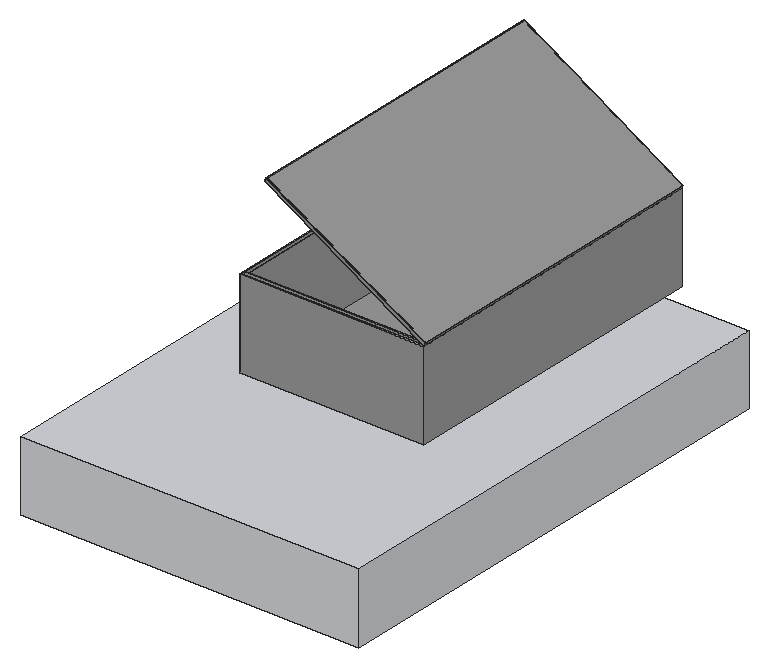
Revit family "Hager-Univers-IP55-D400-H1400-Cl.I-Steel_encl-NL-en", category Equipement électrique, Revit 2020
Family settings
  Hôte = Face
  Configuration du panneau = Deux colonnes, circuits au sein
  Cote de connecteur circulaire = Utiliser le diamètre
  Type d'élément = Tableau de raccordement
  Couper avec des vides une fois chargée = Non
  Partagée = Non
  Point de calcul de pièce = Non
Parameters (values of type "Surface mounted (plaster) IP55 W800 H1400 D400  - FR93G")
  Width Control [instance] = if([EF000008 - Width] > Min Width, [EF000008 - Width], Min Width)  # 800 mm
  Commentaires du type = [HG000003 - Range]  # "Univers"
  Thickness Door [instance] = if([EF009171 - Material plate thickness door/cover] > 3 mm, 3 mm, [EF009171 - Material plate thickness door/cover])  # 1.5 mm
  Seal Frame Offset [instance] = 17 mm  # constant formula
  Plinth Visibility [instance] = [HG000027 - Plinth height] > 0 mm  # no
  Model = ""
  Min Width [instance] = 100 mm  # constant formula
  Min Height [instance] = 100 mm  # constant formula
  Min Depth [instance] = (2 * [EF009170 - Material plate thickness cabinet]) + 1 mm  # 4 mm
  Internal Frame Depth [instance] = (Door System Depth * 0.5)  # 9 mm
  Height Control [instance] = if([EF000040 - Height] > Min Height, [EF000040 - Height], Min Height)  # 1400 mm
  HG000027 - Plinth height = 0 mm
  HG000026 - Floor standing = no
  HG000024 - Bottom section height = 800 mm
  HG000023 - Double section enclosure = no
  HG000016 - Door 3d visibility [instance] = yes
  HG000015 - Clearance visibility [instance] = no
  HG000014 - Door on the right [instance] = yes
  HG000013 - Door on the left [instance] = not([HG000014 - Door on the right])  # no
  HG000012 - Door swing angle [instance] = 30.00°
  HG000010 - Asymmetric doors = no
  HG000009 - Double swing door = no
  HG000006 - Flush mounted = no
  HG000004 - Manufacturer reference = "FR93G"
  HG000003 - Range = "Univers"
  HG000002 - With door or cover = yes
  Frame Offset Bottom [instance] = 10 mm  # constant formula
  Frame Offset [instance] = 15 mm  # constant formula
  EF015940 - Cover with overpressure release = no
  EF011959 - Degree of protection (NEMA) = ""
  EF009554 - Number of openings for flange plates = 6
  EF009212 - Cover model = "EV000116 - Closed"
  EF009171 - Material plate thickness door/cover = 1.5 mm
  EF009170 - Material plate thickness cabinet = 1.5 mm
  Fabricant = "Hager"  # constant formula
  EF008873 - Nominal current (In) = 800 A
  EF007800 - Suitable for lightning protection = no
  EF006306 - With lock = no
  EF006244 - Transparent cover/door = no
  EF005474 - Degree of protection (IP) = "EV006420 - IP55"
  EF004464 - Type of door = "EV002646 - Single"
  EF004427 - Number of modules = 324
  EF004293 - Impact strength = "EV008784 - IK10"
  EF003532 - Suitable for outdoor use = no
  EF002950 - Width in number of modular spacings = 24
  EF001613 - Circuit integrity = "EV000494 - None"
  EF001596 - Material housing = "EV000179 - Steel"
  EF001131 - Internal depth = 400 mm
  EF001088 - Extension possible = yes
  EF000437 - Number of conduit inlets = 6
  EF000339 - Type of cover = "EV004216 - Door"
  EF000266 - Number of rows = 9
  EF000218 - Built-in depth = 0 mm
  EF000118 - With mounting plate = no
  EF000116 - RAL-number = "7035"
  EF000049 - Depth = 400 mm
  EF000040 - Height = 1400 mm
  EF000008 - Width = 800 mm
  EF000007 - Colour = "EV000270 - Grey"
  EF000003 - Mounting method = "EV000384 - Surface mounted (plaster)"
  Door System Leaf Tolerance [instance] = 1.5 mm  # constant formula
  Door System Depth [instance] = 18 mm  # constant formula
  Door Height [instance] = Height Control - [HG000027 - Plinth height]  # 1400 mm
  Depth Control [instance] = if([EF000049 - Depth] > Min Depth, [EF000049 - Depth], Min Depth)  # 400 mm
  Default Elevation = 0 mm
  Connector Offset [instance] = Height Control / 2  # 700 mm
  Bottom Top Plate Trim [instance] = 1.5 mm  # constant formula
  Plinth height Ctrl [instance] = if([HG000027 - Plinth height] > 0 mm, [HG000027 - Plinth height], 12 mm)  # 12 mm
Types (3, lengths in mm): name | Width Control | HG000009 - Double swing door | HG000004 - Manufacturer reference | EF009554 - Number of openings for flange plates | EF004464 - Type of door | EF004427 - Number of modules | EF000437 - Number of conduit inlets | EF000008 - Width
  Surface mounted (plaster) IP55 W1050 H1400 D400  - FR94G | 1050 | yes | "FR94G" | 8 | "EV003602 - Double" | 432 | 8 | 1050
  Surface mounted (plaster) IP55 W550 H1400 D400  - FR92G | 550 | no | "FR92G" | 4 | "EV002646 - Single" | 216 | 4 | 550
  Surface mounted (plaster) IP55 W800 H1400 D400  - FR93G | 800 | no | "FR93G" | 6 | "EV002646 - Single" | 324 | 6 | 800
Reference planes
  plane 1 "Center (Front/Back)": y = 0
  plane 2: z = 0
  plane 3 "Center (Left/Right)": x = 0
  plane 4: z = 400
  plane 5: y = 1.5
  plane 6: y = 700
  plane 7: y = 0
  plane 8: y = 1400
  plane 9: z = 0
  plane 10: x = -385
  plane 11: x = 385
  plane 12: x = 383.5
  plane 13: x = -383.5
  plane 14: y = 1398.5
  plane 15: x = -383
  plane 16: x = -400
  plane 17: x = 383
  plane 18: x = 400
  plane 19: x = 398.5
  plane 20: x = -398.5
  plane 21: y = 11.5
  plane 22: y = 1400
  plane 23: y = 1383.5
  plane 24: z = 382
  plane 25: z = 1.5
  plane 26: z = 380.5
  plane 27: z = 398.5
Forms (mm)
  Extrusion 1, solid
    sketch origin (0, 0, 0) x (1, 0, 0) y (0, 1, 0)
      loop
        line (-702.964, 1305) -> (-702.964, -811.445) -> (766.763, -811.445) -> (766.763, 1305) -> (-702.964, 1305)
    from 0 to -304.8
  Extrusion 2, solid, material "Hager_Steel_RAL7035_Light_Grey", visible <- "Plinth Visibility", detail levels medium+fine
    sketch origin (0, 0, 0) x (1, 0, 0) y (0, 1, 0)
      loop
        line (-400, 0) -> (400, 0) -> (400, 12) -> (-400, 12) -> (-400, 0)
    from 0 to 382
  Extrusion 3, solid, material "Hager_Steel_RAL7035_Light_Grey", detail levels medium+fine
    sketch origin (0, 0, 0) x (1, 0, 0) y (0, 1, 0)
      loop
        line (-400, 0) -> (400, 0) -> (400, 1400) -> (-400, 1400) -> (-400, 0)
    from 0 to 382
  Extrusion 4, void
    sketch origin (0, 0, 0) x (1, 0, 0) y (0, 1, 0)
      loop
        line (-398.5, 1.5) -> (398.5, 1.5) -> (398.5, 1398.5) -> (-398.5, 1398.5) -> (-398.5, 1.5)
    from 1.5 to 380.5
  Extrusion 5, void
    sketch origin (-381.607, -4572, 382) x (0, -1, 0) y (-1, 0, 0)
      loop
        line (-4583.5, 1.893) -> (-5955.5, 1.893) -> (-5955.5, -765.107) -> (-4583.5, -765.107) -> (-4583.5, 1.893)
    from 0 to 1.5 <- "EF009170 - Material plate thickness cabinet"
  Extrusion 6, solid, material "Hager_Steel_RAL7035_Light_Grey", detail levels fine
    sketch origin (0, 0, 382) x (1, 0, 0) y (0, 1, 0)
      loop
        line (-383.5, 1383.5) -> (-383.5, 11.5) -> (383.5, 11.5) -> (383.5, 1383.5) -> (-383.5, 1383.5)
      loop
        line (-385, 10) -> (385, 10) -> (385, 1385) -> (-385, 1385) -> (-385, 10)
    from 0 to 9 <- "Internal Frame Depth"
  Extrusion 7, solid, material "Hager_Steel_RAL7035_Light_Grey", detail levels coarse
    sketch origin (0, 0, 0) x (1, 0, 0) y (0, 1, 0)
      loop
        line (-400, 0) -> (400, 0) -> (400, 1400) -> (-400, 1400) -> (-400, 0)
    from 0 to 400
  Sweep 8, void
    path in 3D
      loop
        line (-400, 12, 0) -> (400, 12, 0) -> (400, 12, 382) -> (-400, 12, 382) -> (-400, 12, 0)
    profile origin (-400, 12, 191) x (-1, 0, 0) y (0, -1, 0)
      loop
        line (0, 0) -> (0, 1.5) -> (-1.5, 1.5)
        arc (-1.5, 1.5) -> (-1.061, 0.439) -> (0, 0) r 1.5
Cuts and joins
  Extrusion 4, Extrusion 5 cuts Extrusion 3
  Sweep 8 cuts Extrusion 2
Lines and regions (mm)
  Masking region 1
    outline origin (0, 0, 0) x (1, 0, 0) y (0, 0, 1)
      loop
        line (-400, 400) -> (-400, 0) -> (400, 0) -> (400, 400) -> (-400, 400)
  Masking region 2, detail levels medium+fine
    outline origin (0, 140, 0) x (0, 1, 0) y (0, 0, 1)
      loop
        line (-140, 0) -> (1260, 0) -> (1260, 382) -> (-140, 382) -> (-140, 0)
  Masking region 3, not visible, detail levels medium+fine
    outline origin (0, 297.922, 0) x (0, 1, 0) y (0, 0, 1)
      loop
        line (413.578, 0) -> (453.578, 0) -> (453.578, 388.5)
        arc (453.578, 388.5) -> (450.649, 395.571) -> (443.578, 398.5) r 10
        line (443.578, 398.5) -> (413.578, 398.5) -> (413.578, 0)
  Masking region 4, detail levels coarse
    outline origin (0, 0, 180) x (0, 1, 0) y (0, 0, 1)
      loop
        line (0, -180) -> (1400, -180) -> (1400, 220) -> (0, 220) -> (0, -180)
  Masking region 5, visible <- "Plinth Visibility", detail levels medium+fine
    outline origin (0, 52.24, 12.345) x (0, 0, -1) y (0, 1, 0)
      loop
        line (10.845, -40.24) -> (-368.155, -40.24)
        arc (-368.155, -40.24) -> (-368.594, -41.301) -> (-369.655, -41.74) r 1.5
        line (-369.655, -41.74) -> (-369.655, -52.24) -> (12.345, -52.24) -> (12.345, -41.74)
        arc (12.345, -41.74) -> (11.285, -41.301) -> (10.845, -40.24) r 1.5
  Masking region 6, detail levels medium+fine
    outline origin (-381.607, -4572, 382) x (-1, 0, 0) y (0, -1, 0)
      loop
        line (18.393, -5972) -> (18.393, -4572) -> (-781.607, -4572) -> (-781.607, -5972) -> (18.393, -5972)
  Masking region 7, visible <- "Plinth Visibility", detail levels medium+fine
    outline origin (-381.607, -4727, 382) x (-1, 0, 0) y (0, -1, 0)
      loop
        arc (16.893, -4739) -> (17.332, -4737.939) -> (18.393, -4737.5) r 1.5
        line (18.393, -4737.5) -> (18.393, -4727) -> (-781.607, -4727) -> (-781.607, -4737.5)
        arc (-781.607, -4737.5) -> (-780.546, -4737.939) -> (-780.107, -4739) r 1.5
        line (-780.107, -4739) -> (16.893, -4739)
  Masking region 8, detail levels coarse
    outline origin (-442.548, -4669.526, 382) x (-1, 0, 0) y (0, -1, 0)
      loop
        line (-42.548, -6069.526) -> (-42.548, -4669.526) -> (-842.548, -4669.526) -> (-842.548, -6069.526) -> (-42.548, -6069.526)
  sketch lines
    curve 1: line (-400, 12, 382) -> (-400, 12, 0)
    curve 2: line (400, 12, 382) -> (-400, 12, 382)
    curve 3: line (400, 12, 382) -> (400, 12, 0)
    curve 4: line (-400, 12, 0) -> (400, 12, 0)
Dimensions and locks
  "Depth Control": plane 4 to Extrusion 1
  "HG000027 - Plinth height": plane 1 "Center (Front/Back)" to plane 7
  "EF009170 - Material plate thickness cabinet": plane 5 to plane 7
  locked: connector elem to plane 3 "Center (Left/Right)"
  equal spacing: plane 8, plane 6, plane 7
  locked: connector elem to plane 6
  "EF009170 - Material plate thickness cabinet": plane 8 to plane 14
  "EF009170 - Material plate thickness cabinet": plane 10 to plane 13
  "EF009170 - Material plate thickness cabinet": plane 12 to plane 11
  "Frame Offset": plane 20 to plane 13
  "Frame Offset": plane 12 to plane 19
  "EF009170 - Material plate thickness cabinet": plane 16 to plane 20
  "EF009170 - Material plate thickness cabinet": plane 19 to plane 18
  "Seal Frame Offset": plane 16 to plane 15
  "Seal Frame Offset": plane 17 to plane 18
  "Frame Offset Bottom": plane 21 to plane 5
  "Frame Offset": plane 14 to plane 23
  equal spacing: plane 16, plane 3 "Center (Left/Right)", plane 18
  "Width Control": plane 16 to plane 18
  "EF009170 - Material plate thickness cabinet": plane 4 to plane 27
  "EF009170 - Material plate thickness cabinet": plane 24 to plane 26
  "EF009170 - Material plate thickness cabinet": plane 25 to level
  "Door System Depth": plane 4 to plane 24
  "Height Control": plane 1 "Center (Front/Back)" to Extrusion 7 sketch curve
  "Height Control": Masking region 4 sketch curve to plane 1 "Center (Front/Back)"
  "Height Control": plane 1 "Center (Front/Back)" to plane 22
  "Bottom Top Plate Trim": profile plane to Sweep 8 sketch curve
  "Bottom Top Plate Trim": Sweep 8 sketch curve to profile plane
  "Plinth height Ctrl": plane 1 "Center (Front/Back)" to Extrusion 2 sketch curve
  "Plinth height Ctrl": Masking region 5 sketch curve to plane 1 "Center (Front/Back)"
  "Plinth height Ctrl": plane 1 "Center (Front/Back)" to Masking region 7 sketch curve
  "Thickness Door": Extrusion 6 sketch curve to Extrusion 6 sketch curve  (x3)
  "Thickness Door": cut or joined group of Extrusion 3, Extrusion 4, Extrusion 5 to Extrusion 6 sketch curve
  radius of Masking region 3 sketch curve = 10 mm
  "Bottom Top Plate Trim": radius of Masking region 5 sketch curve  (x2)
  "Bottom Top Plate Trim": radius of Sweep 8 sketch curve
  "Bottom Top Plate Trim": radius of Masking region 7 sketch curve  (x2)
  aligned and locked: plane 2 to Extrusion 1
  aligned and locked: level to Extrusion 1
  aligned and locked: level to Masking region 1 sketch curve
  aligned and locked: Masking region 1 sketch curve to plane 18
  aligned and locked: Masking region 1 sketch curve to plane 16
  aligned and locked: plane 7 to Masking region 2 sketch curve
  aligned and locked: level to Masking region 3 sketch curve
  aligned and locked: Masking region 3 sketch curve to plane 27
  aligned and locked: level to Masking region 2 sketch curve
  aligned and locked: plane 1 "Center (Front/Back)" to Extrusion 2 sketch curve
  aligned and locked: Extrusion 3 sketch curve to plane 7
  aligned and locked: plane 16 to Extrusion 3 sketch curve
  aligned and locked: plane 18 to Extrusion 3 sketch curve
  aligned and locked: plane 20 to Extrusion 4 sketch curve
  aligned and locked: plane 19 to Extrusion 4 sketch curve
  aligned and locked: Extrusion 4 sketch curve to plane 5
  aligned and locked: Extrusion 4 to plane 25
  aligned and locked: plane 26 to Extrusion 4
  aligned and locked: plane 24 to Extrusion 3
  aligned and locked: Extrusion 5 sketch curve to plane 21
  aligned and locked: Extrusion 5 sketch curve to plane 13
  aligned and locked: Extrusion 5 sketch curve to plane 12
  aligned and locked: plane 18 to Extrusion 7 sketch curve
  aligned and locked: plane 1 "Center (Front/Back)" to Extrusion 7 sketch curve
  aligned and locked: plane 16 to Extrusion 7 sketch curve
  aligned and locked: plane 4 to Extrusion 7
  aligned and locked: Extrusion 7 to level
  aligned and locked: level to Masking region 4 sketch curve
  aligned and locked: Masking region 4 sketch curve to plane 1 "Center (Front/Back)"
  aligned and locked: Masking region 4 sketch curve to plane 4
  aligned and locked: nested 1 to level
  aligned and locked: nested 1 to plane 16
  aligned and locked: plane 8 to Extrusion 3 sketch curve
  aligned and locked: plane 23 to Extrusion 5 sketch curve
  aligned and locked: plane 14 to Extrusion 4 sketch curve
  aligned and locked: Masking region 2 sketch curve to plane 8
  aligned and locked: level to Masking region 5 sketch curve
  aligned and locked: plane 16 to Extrusion 2 sketch curve
  aligned and locked: plane 18 to Extrusion 2 sketch curve
  aligned and locked: Masking region 5 sketch curve to plane 24
  aligned and locked: Masking region 2 sketch curve to plane 24
  aligned and locked: plane 24 to Extrusion 2
  aligned and locked: profile plane to Sweep 8 sketch curve  (x2)
  aligned and locked: Masking region 6 sketch curve to plane 18
  aligned and locked: Masking region 6 sketch curve to plane 22
  aligned and locked: Masking region 6 sketch curve to plane 16
  aligned and locked: plane 8 to plane 22
  aligned and locked: Masking region 6 sketch curve to plane 7
  aligned and locked: Masking region 7 sketch curve to plane 16
  aligned and locked: Masking region 7 sketch curve to plane 1 "Center (Front/Back)"
  aligned and locked: Masking region 7 sketch curve to plane 18
  aligned and locked: Masking region 8 sketch curve to plane 1 "Center (Front/Back)"
  aligned and locked: Masking region 8 sketch curve to plane 18
  aligned and locked: Masking region 8 sketch curve to plane 22
  aligned and locked: Masking region 8 sketch curve to plane 16
  aligned and locked: nested 2 to plane 7
  aligned and locked: plane 3 "Center (Left/Right)" to nested 2
  aligned and locked: nested 2 to plane 24
  aligned and locked: Extrusion 6 sketch curve to cut or joined group of Extrusion 3, Extrusion 4, Extrusion 5  (x4)
Automatic sketch dimensions
  Extrusion 1 sketch curve to Extrusion 1 sketch curve = 1469.727 mm
  Extrusion 1 sketch curve to Extrusion 1 sketch curve = 2116.445 mm
  Masking region 1 sketch curve to plane 4 = 0 mm
  plane 6 to Masking region 3 sketch curve = 11.5 mm
  Masking region 3 sketch curve to Masking region 3 sketch curve = 30 mm
  Masking region 5 sketch curve to plane 1 "Center (Front/Back)" = 0 mm
Nested families
  nested 1: "Hager_Enclosure_Symbol" at (-400, 0, 0) x (1, 0, 0) z (0, -1, 0), Height <- "Depth Control", Width <- "Width Control", type "Hager_Enclosure_Symbol"
    with Width_Ctrl 800 mm, Width 800 mm, Height_Ctrl 400 mm, Height 400 mm, A_Width_Int 26.25 mm, A_Width 315 mm, A_Height_Ctrl 350 mm, A_Height 350 mm
  nested 2: "EC000058_Univers_Door" at (0, 0, 382) x (1, 0, 0) z (0, 1, 0), Leaf_Tolerance <- "Door System Leaf Tolerance", Angle <- "HG000012 - Door swing angle", Door_Depth <- "Door System Depth", Door_Left <- "HG000013 - Door on the left", Transparent <- "EF006244 - Transparent cover/door", Assymetrical <- "HG000010 - Asymmetric doors", Width <- "Width Control", Clearance <- "HG000015 - Clearance visibility", Double <- "HG000009 - Double swing door", 3d_Door <- "HG000016 - Door 3d visibility", Lock_Visibility <- "EF006306 - With lock", Width_Ctrl <- "Width Control", Door_Right <- "HG000014 - Door on the right", Door <- "HG000002 - With door or cover", Height <- "Door Height", Thickness <- "Thickness Door", type "EC000058_Univers_Door", detail levels medium+fine
    with min_wh 4 mm, Width_Ctrl 800 mm, Width 800 mm, Transparent no, Thickness 1.5 mm, Seal_Material Hager_Rubber, Lock_Visibility no, Lock_Material Hager_Plastic_RAL9005_Jet_Black, Leaf_Width 800 mm, Leaf_Tolerance_External_Sides 0 mm, Leaf_Tolerance 1.5 mm, Leaf_Offset 0 mm, Leaf_Height 1397 mm, Leaf_2_Width 800 mm, Leaf_2_Offset 400 mm, Leaf_1_Width 800 mm, Leaf_1_Offset 400 mm, Height_Ctrl 1400 mm, Height 1400 mm, Glass_Material Hager_Glass, Double_Clearance_Ctrl no, Double no, Door_Right_Ctrl yes, Door_Right yes, Door_Material Hager_Steel_RAL7035_Light_Grey, Door_Left_Ctrl no, Door_Left no, Door_Depth 18 mm, Door yes, Clearance_Material Hager_Clearance, Clearance_Depth 800 mm, Clearance_Ctrl no, Clearance no, Assymetrical no, Angle 30.00°, 3d_Door yes
Connectors
  electrical at (0, 700, 0)
    settings: on plane 9, index 1, voltage 0 V, apparent load 0 VA, apparent load phase1 0 VA, apparent load phase2 0 VA, apparent load phase3 0 VA, power factor 1, load classification "Other", number of poles 1, system type 30, power factor state 1, is connector primary yes, connector utility no, sub classification motor no, connector description ""
Definition of nested family "EC000058_Univers_Door"
  Parameters (values of type "EC000058_Univers_Door")
    min_wh [instance] = (2 * Thickness) + 1 mm  # 11 mm
    Width_Ctrl [instance] = 400 mm
    Width [instance] = 500 mm
    Transparent [instance] = yes
    Thickness [instance] = 5 mm
    Seal_Material [instance] = none
    Lock_Visibility [instance] = yes
    Lock_Material [instance] = none
    Leaf_Width [instance] = if((Width_Ctrl - 2 * Leaf_Tolerance_External_Sides) > 0 mm, (Width_Ctrl - 2 * Leaf_Tolerance_External_Sides), min_wh)  # 400 mm
    Leaf_Tolerance_External_Sides [instance] = 0 mm  # constant formula
    Leaf_Tolerance [instance] = 1.5 mm
    Leaf_Offset [instance] = 0 mm  # constant formula
    Leaf_Height [instance] = if((Height_Ctrl - 2 * Leaf_Tolerance) > 0 mm, (Height_Ctrl - 2 * Leaf_Tolerance), min_wh)  # 497 mm
    Leaf_2_Width [instance] = if(and(and(Double, Assymetrical), Door_Left), (Leaf_Width / 3) - (Leaf_Tolerance / 2), if(and(and(Double, Assymetrical), Door_Right), (Leaf_Width / 3) * 2 - (Leaf_Tolerance / 2), if(and(Double, not(Assymetrical)), (Leaf_Width / 2) - Leaf_Tolerance, Leaf_Width)))  # 400 mm
    Leaf_2_Offset [instance] = if(and(Double, Assymetrical), Leaf_2_Width / 2, if(and(Double, not(Assymetrical)), Leaf_Width / 4, Leaf_Width / 2))  # 200 mm
    Leaf_1_Width [instance] = if(and(and(Double, Assymetrical), Door_Right), (Leaf_Width / 3) - (Leaf_Tolerance / 2), if(and(and(Double, Assymetrical), Door_Left), (Width / 3) * 2 - (Leaf_Tolerance / 2), if(and(Double, not(Assymetrical)), (Leaf_Width / 2) - Leaf_Tolerance, Leaf_Width)))  # 400 mm
    Leaf_1_Offset [instance] = if(and(Double, Assymetrical), Leaf_1_Width / 2, if(and(Double, not(Assymetrical)), Leaf_Width / 4, Leaf_Width / 2))  # 200 mm
    Height_Ctrl [instance] = if(Height > min_wh, Height, min_wh)  # 500 mm
    Height [instance] = 500 mm
    Glass_Material [instance] = none
    Double_Clearance_Ctrl [instance] = and(Double, Clearance)  # no
    Double [instance] = no
    Door_Right_Ctrl [instance] = and(or(Door_Right, Double), Door)  # yes
    Door_Right [instance] = yes
    Door_Material [instance] = none
    Door_Left_Ctrl [instance] = and(or(Door_Left, Double), Door)  # no
    Door_Left [instance] = no
    Door_Depth [instance] = 30 mm
    Door [instance] = yes
    Default Elevation = 1219.2 mm
    Clearance_Material [instance] = none
    Clearance_Depth [instance] = if(Leaf_1_Width > Leaf_2_Width, Leaf_1_Width, Leaf_2_Width)  # 400 mm
    Clearance_Ctrl [instance] = and(not(Double), Clearance)  # yes
    Clearance [instance] = yes
    Assymetrical [instance] = yes
    Angle [instance] = 30.00°
    3d_Door [instance] = yes
  Reference planes
    plane 1 "Center (Front/Back)": y = 0
    plane 2 "Bottom": z = 0
    plane 3 "Center (Left/Right)": x = 0
    plane 4: z = 500
    plane 5: x = -200
    plane 6: x = 200
    plane 7: z = 500
    plane 8: x = -200
    plane 9: z = 0
    plane 10: x = 200
    plane 11: y = 0
    plane 12: z = 1.5
    plane 13: x = -600
    plane 14: y = -400
    plane 15: x = 600
    plane 16: x = 0
    plane 17: x = 0
    plane 18: x = -200
    plane 19: x = 200
    plane 20: z = 498.5
  Forms (mm)
    Extrusion 1, solid, material <- "Clearance_Material", visible <- "Double_Clearance_Ctrl"
      sketch origin (1200, 0, 0) x (1, 0, 0) y (0, 0, -1)
        loop
          line (-1800, -498.5) -> (-600, -498.5) -> (-600, 0) -> (-1800, 0) -> (-1800, -498.5)
      from 0 to -400
  Dimensions and locks
    equal spacing: plane 5, plane 3 "Center (Left/Right)", plane 6
    "Width_Ctrl": plane 5 to plane 6
    "Leaf_Offset": plane 5 to plane 8
    "Leaf_Offset": plane 6 to plane 10
    "Leaf_Offset": plane 9 to level
    "Leaf_Offset": plane 4 to plane 7
    "Height_Ctrl": plane 4 to level
    "Leaf_Tolerance": plane 12 to plane 9
    locked: plane 11 to plane 1 "Center (Front/Back)"
    "Leaf_1_Offset": plane 18 to plane 16
    "Leaf_2_Offset": plane 17 to plane 19
    "Leaf_1_Width": plane 13 to plane 8
    "Leaf_2_Width": plane 10 to plane 15
    "Clearance_Depth": plane 14 to plane 1 "Center (Front/Back)"
    "Leaf_Tolerance_External_Sides": plane 8 to plane 18
    "Leaf_Tolerance_External_Sides": plane 19 to plane 10
    "Leaf_Tolerance": plane 7 to plane 20
    aligned and locked: level to plane 2 "Bottom"
    aligned and locked: nested 1 to plane 16
    aligned and locked: nested 2 to plane 17
    aligned and locked: Extrusion 1 to plane 13
    aligned and locked: plane 15 to Extrusion 1
    aligned and locked: Extrusion 1 to plane 14
    aligned and locked: plane 12 to nested 1
    aligned and locked: nested 2 to plane 12
    aligned and locked: Extrusion 1 to plane 11
    aligned and locked: plane 20 to Extrusion 1
    aligned and locked: nested 2 to plane 11
    aligned and locked: nested 1 to plane 11
  Automatic sketch dimensions
    Extrusion 1 sketch curve to level = 0 mm
    plane 5 to Extrusion 1 sketch curve = 400 mm
    plane 6 to Extrusion 1 sketch curve = 400 mm
    Extrusion 1 sketch curve to plane 4 = 1.5 mm
  Nested families
    nested 1: "EC000058_Univers_Door_Leaf" at (0, 0, 1.5), Width <- "Leaf_1_Width", visible <- "Door_Left_Ctrl", Leaf_Height <- "Leaf_Height", Angle <- "Angle", 3d_Door <- "3d_Door", Transparent <- "Transparent", Clearance Material <- "Clearance_Material", Clearance <- "Clearance_Ctrl", Door_Material <- "Door_Material", Glass_Material <- "Glass_Material", Door_Depth <- "Door_Depth", Lock_Material <- "Lock_Material", Seal_Material <- "Seal_Material", Lock_Visibility <- "Lock_Visibility", Thickness <- "Thickness", type "EC000058_Univers_Door_Leaf"
      with Width 400 mm, Transparent_Glass_Offset 30 mm, Transparent_Ctrl yes, Transparent yes, Thickness 5 mm, Standard no, Seal_Material none, Seal_D2 8 mm, Seal_D1 1 mm, Offset_Internal_Frame 10 mm, Lock_Width 20 mm, Lock_Visibility_3d yes, Lock_Visibility yes, Lock_Thickness_3 3 mm, Lock_Thickness_2 1 mm, Lock_Thickness_1 3 mm, Lock_Radius_Offset_2 16 mm, Lock_Radius_Offset_1 15 mm, Lock_Radius_2 5 mm, Lock_Radius 6 mm, Lock_Offset 5 mm, Lock_Material none, Lock_Height 80 mm, Lock_Cover_Top_Offset_2d 17 mm, Lock_Cover_Height -65 mm, Leaf_Height 497 mm, Internal_Seal_Thickness 8 mm, Internal_Seal_Depth_2 4.5 mm, Internal_Frame_Depth 25 mm, Glass_Thickness -1 mm, Glass_Offset -2 mm, Glass_Material none, Door_Material none, Door_Depth 30 mm, Clearance Material none, Clearance yes, Angle_Ctrl 30.00°, Angle 30.00°, 3d_Door yes
    nested 2: "EC000058_Univers_Door_Leaf" at (0, 0, 1.5) x (-1, 0, 0) z (0, 0, 1), Width <- "Leaf_2_Width", visible <- "Door_Right_Ctrl", Leaf_Height <- "Leaf_Height", Angle <- "Angle", 3d_Door <- "3d_Door", Transparent <- "Transparent", Clearance Material <- "Clearance_Material", Clearance <- "Clearance_Ctrl", Door_Material <- "Door_Material", Glass_Material <- "Glass_Material", Door_Depth <- "Door_Depth", Lock_Material <- "Lock_Material", Seal_Material <- "Seal_Material", Lock_Visibility <- "Lock_Visibility", Thickness <- "Thickness", type "EC000058_Univers_Door_Leaf"
      with Width 400 mm, Transparent_Glass_Offset 30 mm, Transparent_Ctrl yes, Transparent yes, Thickness 5 mm, Standard no, Seal_Material none, Seal_D2 8 mm, Seal_D1 1 mm, Offset_Internal_Frame 10 mm, Lock_Width 20 mm, Lock_Visibility_3d yes, Lock_Visibility yes, Lock_Thickness_3 3 mm, Lock_Thickness_2 1 mm, Lock_Thickness_1 3 mm, Lock_Radius_Offset_2 16 mm, Lock_Radius_Offset_1 15 mm, Lock_Radius_2 5 mm, Lock_Radius 6 mm, Lock_Offset 5 mm, Lock_Material none, Lock_Height 80 mm, Lock_Cover_Top_Offset_2d 17 mm, Lock_Cover_Height -65 mm, Leaf_Height 497 mm, Internal_Seal_Thickness 8 mm, Internal_Seal_Depth_2 4.5 mm, Internal_Frame_Depth 25 mm, Glass_Thickness -1 mm, Glass_Offset -2 mm, Glass_Material none, Door_Material none, Door_Depth 30 mm, Clearance Material none, Clearance yes, Angle_Ctrl 30.00°, Angle 30.00°, 3d_Door yes
  Definition of nested family "EC000058_Univers_Door_Leaf"
    Parameters (values of type "EC000058_Univers_Door_Leaf")
      Width [instance] = 2000 mm
      Transparent_Glass_Offset [instance] = 30 mm
      Transparent_Ctrl [instance] = and(Transparent, [3d_Door])  # yes
      Transparent [instance] = yes
      Thickness [instance] = 5 mm
      Standard [instance] = and(not(Transparent), [3d_Door])  # no
      Seal_Material [instance] = none
      Seal_D2 [instance] = 8 mm  # constant formula
      Seal_D1 [instance] = 1 mm  # constant formula
      Offset_Internal_Frame [instance] = 10 mm  # constant formula
      Lock_Width [instance] = 20 mm  # constant formula
      Lock_Visibility_3d [instance] = and(Lock_Visibility, [3d_Door])  # yes
      Lock_Visibility [instance] = yes
      Lock_Thickness_3 [instance] = 3 mm  # constant formula
      Lock_Thickness_2 [instance] = 1 mm  # constant formula
      Lock_Thickness_1 [instance] = 3 mm  # constant formula
      Lock_Radius_Offset_2 [instance] = Lock_Radius_Offset_1 + 1 mm  # 16 mm
      Lock_Radius_Offset_1 [instance] = 15 mm  # constant formula
      Lock_Radius_2 [instance] = Lock_Radius - 1 mm  # 5 mm
      Lock_Radius [instance] = 6 mm  # constant formula
      Lock_Offset [instance] = 5 mm  # constant formula
      Lock_Material [instance] = none
      Lock_Height [instance] = 80 mm  # constant formula
      Lock_Cover_Top_Offset_2d [instance] = Lock_Radius_Offset_2 + 1 mm  # 17 mm
      Lock_Cover_Height [instance] = -(Lock_Height - Lock_Radius_Offset_1)  # -65 mm
      Leaf_Height [instance] = 2720.336 mm
      Internal_Seal_Thickness [instance] = 8 mm  # constant formula
      Internal_Seal_Depth_2 [instance] = 4.5 mm  # constant formula
      Internal_Frame_Depth [instance] = if(Door_Depth - Thickness > 5 mm, Door_Depth - Thickness, 5 mm)  # 25 mm
      Glass_Thickness [instance] = if(Thickness > 15 mm, Glass_Offset + 10 mm, -1 mm)  # -1 mm
      Glass_Offset [instance] = if(Thickness > 15 mm, -(Thickness + 10 mm) / 2, -2 mm)  # -2 mm
      Glass_Material [instance] = none
      Door_Material [instance] = none
      Door_Depth [instance] = 30 mm
      Default Elevation = 0 mm
      Clearance Material [instance] = none
      Clearance [instance] = yes
      Angle_Ctrl [instance] = if(Angle > 180.00°, 180.00°, Angle)  # 90.00°
      Angle [instance] = 90.00°
      3d_Door [instance] = yes
    Reference planes
      plane 1 "Center (Front/Back)": y = 0
      plane 2: z = 0
      plane 3 "Center (Left/Right)": x = 0
      plane 4: y = 2000
      plane 5: x = -1000
      plane 6: x = 1000
      plane 7: x = -3000
      plane 8: z = 2720.336
      plane 9: z = 30
      plane 10: z = 2690.336
      plane 11: x = 970
      plane 12: x = -970
      plane 13: y = -3
      plane 14: z = 107.833
      plane 15: y = -5
      plane 16: y = -223.314
      plane 17: x = -1000
      plane 18: z = 1360.168
      plane 19: y = 30
    Forms (mm)
      Extrusion 1, solid, material <- "Clearance Material", visible <- "Clearance"
        sketch origin (0, 0, 0) x (1, 0, 0) y (0, 0, 1)
          loop
            line (-3000, 2720.336) -> (-3000, 0) -> (1000, 0) -> (1000, 2720.336) -> (-3000, 2720.336)
        from 0 to -2000
      Extrusion 2, solid, material <- "Door_Material", visible <- "Standard", detail levels medium+fine
        sketch origin (-1000, 0, 0) x (0, 1, 0) y (-1, 0, 0)
          loop
            line (0, 30) -> (0, 25) -> (2000, 25) -> (2000, 30) -> (0, 30)
        from 0 to 2720.336 <- "Leaf_Height"
      Extrusion 3, solid, material <- "Door_Material", visible <- "Transparent_Ctrl", detail levels medium+fine
        sketch origin (-1000, 0, 0) x (0, 1, 0) y (-1, 0, 0)
          loop
            line (0, 25) -> (2000, 25) -> (2000, 30) -> (0, 30) -> (0, 25)
        from 0 to 2720.336 <- "Leaf_Height"
      Extrusion 4, void
        sketch origin (-1025, 2000, 0) x (0, 1, 0) y (0, 0, -1)
          loop
            line (-30, -2690.336) -> (-30, -30) -> (-1970, -30) -> (-1970, -2690.336) -> (-30, -2690.336)
        from 0 to 5 <- "Thickness"
      Sweep 5, solid, material <- "Seal_Material", visible <- "Transparent_Ctrl", detail levels fine
        path in 3D
          loop
            line (-1025, 30, 30) -> (-1025, 30, 2690.336) -> (-1025, 1970, 2690.336) -> (-1025, 1970, 30) -> (-1025, 30, 30)
        profile origin (-1025, 1000, 30) x (1, 0, 0) y (0, 0, 1)
          loop
            line (0, 0) -> (0, -8) -> (1, -8) -> (1, 0) -> (0, 0)
      Extrusion 6, solid, material <- "Glass_Material", visible <- "Transparent_Ctrl", detail levels medium+fine
        sketch origin (-1030, 0, 0) x (0, 1, 0) y (0, 0, -1)
          loop
            line (1970, -2690.336) -> (1970, -30) -> (30, -30) -> (30, -2690.336) -> (1970, -2690.336)
        from -2 <- "Glass_Offset" to -1 <- "Glass_Thickness"
      Extrusion 7, solid, material <- "Door_Material", visible <- "3d_Door", detail levels medium+fine
        sketch origin (-1025, 2000, 0) x (0, -1, 0) y (0, 0, -1)
          loop
            line (0, -2720.336) -> (2000, -2720.336) -> (2000, 0) -> (0, 0) -> (0, -2720.336)
          loop
            line (1995, -5) -> (5, -5) -> (5, -2715.336) -> (1995, -2715.336) -> (1995, -5)
        from 0 to 25 <- "Internal_Frame_Depth"
      Sweep 8, solid, material <- "Seal_Material", visible <- "Transparent_Ctrl", detail levels fine
        path in 3D
          loop
            line (-1025, 0, 0) -> (-1025, 2000, 0) -> (-1025, 2000, 2720.336) -> (-1025, 0, 2720.336) -> (-1025, 0, 0)
        profile origin (-1025, 0, 1360.168) x (1, 0, 0) y (0, 1, 0)
          loop
            line (0, 10) -> (2.975, 10)
            arc (2.975, 10) -> (4.053, 10.447) -> (4.5, 11.525) r 1.525
            line (4.5, 11.525) -> (4.5, 16.527)
            arc (4.5, 16.527) -> (4.069, 17.569) -> (3.027, 18) r 1.473
            line (3.027, 18) -> (0, 18) -> (0, 10)
      Extrusion 9, solid, material <- "Lock_Material", visible <- "Lock_Visibility_3d", detail levels fine
        sketch origin (-1030, 0, 0) x (0, 1, 0) y (0, 0, -1)
          loop
            arc (1993.5, -1400.168) -> (1994.561, -1399.729) -> (1995, -1398.668) r 1.5
            line (1995, -1398.668) -> (1995, -1320.168) -> (1975, -1320.168) -> (1975, -1398.668)
            arc (1975, -1398.668) -> (1975.439, -1399.729) -> (1976.5, -1400.168) r 1.5
            line (1976.5, -1400.168) -> (1993.5, -1400.168)
        from 3 <- "Lock_Thickness_1" to 0
      Blend 10, solid, material <- "Lock_Material", visible <- "Lock_Visibility_3d", detail levels fine
        base sketch origin (-1033, 0, 0) x (0, 1, 0) y (0, 0, -1)
          loop
            line (1975, -1320.168) -> (1975, -1398.668)
            arc (1975, -1398.668) -> (1975.439, -1399.729) -> (1976.5, -1400.168) r 1.5
            line (1976.5, -1400.168) -> (1993.5, -1400.168)
            arc (1993.5, -1400.168) -> (1994.561, -1399.729) -> (1995, -1398.668) r 1.5
            line (1995, -1398.668) -> (1995, -1320.168) -> (1975, -1320.168)
        top sketch origin (-1033, 0, 0) x (0, 1, 0) y (0, 0, -1)
          loop
            line (1976, -1320.168) -> (1976, -1398.668)
            arc (1976, -1398.668) -> (1976.146, -1399.022) -> (1976.5, -1399.168) r 0.5
            line (1976.5, -1399.168) -> (1993.5, -1399.168)
            arc (1993.5, -1399.168) -> (1993.854, -1399.022) -> (1994, -1398.668) r 0.5
            line (1994, -1398.668) -> (1994, -1320.168) -> (1976, -1320.168)
        from 0 to 1 <- "Lock_Thickness_2"
      Blend 11, solid, material <- "Lock_Material", visible <- "Lock_Visibility_3d", detail levels fine
        base sketch origin (-1034, 0, 0) x (0, 1, 0) y (0, 0, -1)
          loop
            line (1978, -1320.168) -> (1978, -1384.168)
            arc (1978, -1384.168) -> (1985, -1391.168) -> (1992, -1384.168) r 7
            line (1992, -1384.168) -> (1992, -1320.168) -> (1978, -1320.168)
        top sketch origin (-1034, 0, 0) x (0, 1, 0) y (0, 0, -1)
          loop
            line (1991, -1320.168) -> (1979, -1320.168) -> (1979, -1383.168)
            arc (1979, -1383.168) -> (1985, -1389.168) -> (1991, -1383.168) r 6
            line (1991, -1383.168) -> (1991, -1320.168)
        from 0 to 3 <- "Lock_Thickness_3"
      Extrusion 12, solid, material <- "Lock_Material", visible <- "Lock_Visibility_3d", detail levels fine
        sketch origin (-1030, 1975, 1320.168) x (1, 0, 0) y (0, -1, 0)
          loop
            line (-7, -19) -> (-7, -1) -> (0, -1) -> (0, 0) -> (-8, 0) -> (-8, -20) -> (0, -20) -> (0, -19) -> (-7, -19)
        from 0 to -65 <- "Lock_Cover_Height"
      Extrusion 13, void
        sketch origin (-1038, 1995, 1320.168) x (-1, 0, 0) y (0, 0, -1)
          loop
            line (-5, -65) -> (0, -65) -> (-5, -60) -> (-5, -65)
        from 0 to 20 <- "Lock_Width"
      Extrusion 14, void
        sketch origin (-1038, 1975, 1320.168) x (0, -1, 0) y (0, 0, -1)
          loop
            circle (-10, -15.995) r 6
          loop
            circle (-10, -15.995) r 5
        from 0 to 2
      Extrusion 15, solid, material <- "Lock_Material", visible <- "Lock_Visibility_3d", detail levels medium
        sketch origin (-1030, 0, 0) x (0, 1, 0) y (0, 0, -1)
          loop
            arc (1993.5, -1400.168) -> (1994.561, -1399.729) -> (1995, -1398.668) r 1.5
            line (1995, -1398.668) -> (1995, -1320.168) -> (1975, -1320.168) -> (1975, -1398.668)
            arc (1975, -1398.668) -> (1975.439, -1399.729) -> (1976.5, -1400.168) r 1.5
            line (1976.5, -1400.168) -> (1993.5, -1400.168)
        from 8 to 0
    Cuts and joins
      Extrusion 4 cuts Extrusion 3
      Extrusion 13, Extrusion 14 cuts Extrusion 9
      Extrusion 14 cuts Blend 11
      Extrusion 13, Extrusion 14 cuts Extrusion 12
      joined: Extrusion 9, Blend 10, Blend 11, Extrusion 12
      Extrusion 14 cuts Extrusion 15
    Lines and regions (mm)
      Masking region 1, visible <- "Lock_Visibility", detail levels fine
        outline origin (0, 0, 0) x (0, 1, 0) y (0, 0, 1)
          loop
            line (30, 1320.168) -> (33, 1320.168) -> (33, 1400.168) -> (30, 1400.168) -> (30, 1320.168)
      Masking region 2, visible <- "Lock_Visibility", detail levels fine
        outline origin (0, 3.143, 0) x (0, 1, 0) y (0, 0, 1)
          loop
            line (29.857, 1354.168) -> (30.857, 1354.168) -> (30.857, 1366.168) -> (29.857, 1366.168) -> (29.857, 1354.168)
      Masking region 3, detail levels medium+fine
        outline origin (0, 0, 0) x (0, 1, 0) y (0, 0, 1)
          loop
            line (0, 0) -> (30, 0) -> (30, 2720.336) -> (0, 2720.336) -> (0, 0)
      Masking region 4, detail levels medium+fine
        outline origin (0, 0, 0) x (1, 0, 0) y (0, 0, 1)
          loop
            line (-1000, 2720.336) -> (-1000, 0) -> (1000, 0) -> (1000, 2720.336) -> (-1000, 2720.336)
      Masking region 5, visible <- "Lock_Visibility", detail levels fine
        outline origin (-47.116, 0, 0) x (1, 0, 0) y (0, 0, 1)
          loop
            arc (1024.616, 1399.168) -> (1023.556, 1398.729) -> (1023.116, 1397.668) r 1.5
            line (1023.116, 1397.668) -> (1023.116, 1320.168) -> (1041.116, 1320.168) -> (1041.116, 1397.668)
            arc (1041.116, 1397.668) -> (1040.677, 1398.729) -> (1039.616, 1399.168) r 1.5
            line (1039.616, 1399.168) -> (1024.616, 1399.168)
      Masking region 6, visible <- "Lock_Visibility", detail levels medium+fine
        outline origin (-25, 0, 0) x (1, 0, 0) y (0, 0, 1)
          loop
            arc (1001.5, 1400.168) -> (1000.439, 1399.729) -> (1000, 1398.668) r 1.5
            line (1000, 1398.668) -> (1000, 1320.168) -> (1020, 1320.168) -> (1020, 1398.668)
            arc (1020, 1398.668) -> (1019.561, 1399.729) -> (1018.5, 1400.168) r 1.5
            line (1018.5, 1400.168) -> (1001.5, 1400.168)
      Masking region 7, visible <- "Lock_Visibility", detail levels fine
        outline origin (-73.735, 0, 0) x (1, 0, 0) y (0, 0, 1)
          loop
            line (1051.735, 1382.168) -> (1065.735, 1382.168) -> (1065.735, 1384.168)
            arc (1065.735, 1384.168) -> (1058.735, 1391.168) -> (1051.735, 1384.168) r 7
            line (1051.735, 1384.168) -> (1051.735, 1382.168)
      Masking region 8, visible <- "Lock_Visibility", detail levels fine
        outline origin (-73.735, 0, 0) x (1, 0, 0) y (0, 0, 1)
          loop
            line (1052.735, 1382.168) -> (1064.735, 1382.168) -> (1064.735, 1383.168)
            arc (1064.735, 1383.168) -> (1058.735, 1389.168) -> (1052.735, 1383.168) r 6
            line (1052.735, 1383.168) -> (1052.735, 1382.168)
      Masking region 9, visible <- "Lock_Visibility", detail levels fine
        outline origin (-25, 0, 0) x (1, 0, 0) y (0, 0, 1)
          loop
            line (1020, 1320.168) -> (1020, 1382.168) -> (1000, 1382.168) -> (1000, 1320.168) -> (1020, 1320.168)
      Masking region 10, detail levels medium+fine
        outline origin (0, 0, 0) x (1, 0, 0) y (0, 0, 1)
          loop
            circle (985, 1335.144) r 6
      Masking region 11, detail levels fine
        outline origin (0, 0, 0) x (1, 0, 0) y (0, 0, 1)
          loop
            circle (985, 1335.144) r 5
      Masking region 12, visible <- "Lock_Visibility", detail levels fine
        outline origin (0, 12.767, 0) x (0, 1, 0) y (0, 0, 1)
          loop
            line (20.233, 1320.168) -> (21.233, 1320.168) -> (21.233, 1399.168) -> (20.233, 1400.168) -> (20.233, 1320.168)
      Masking region 13, visible <- "Lock_Visibility", detail levels fine
        outline origin (0, 13.767, -10) x (0, 1, 0) y (0, 0, 1)
          loop
            line (20.233, 1330.168) -> (23.233, 1330.168) -> (23.233, 1399.168) -> (20.233, 1402.168) -> (20.233, 1330.168)
      Masking region 14, visible <- "Lock_Visibility", detail levels fine
        outline origin (0, 12.767, -10) x (0, 1, 0) y (0, 0, 1)
          loop
            line (20.233, 1330.168) -> (25.233, 1330.168) -> (25.233, 1399.305) -> (20.233, 1394.305) -> (20.233, 1330.168)
      Masking region 15, visible <- "Lock_Visibility", detail levels medium
        outline origin (0, 0, 0) x (0, 1, 0) y (0, 0, 1)
          loop
            line (30, 1320.168) -> (38, 1320.168) -> (38, 1400.168) -> (30, 1400.168) -> (30, 1320.168)
      Masking region 16, visible <- "Lock_Visibility", detail levels fine
        outline origin (-1000, 0, 0) x (0, 1, 0) y (-1, 0, 0)
          loop
            line (1975, 30) -> (1995, 30) -> (1995, 38) -> (1975, 38) -> (1975, 30)
          loop
            line (1979, 37) -> (1976, 37) -> (1976, 34) -> (1978, 34) -> (1979, 37)
          loop
            line (1994, 37) -> (1991, 37) -> (1992, 34) -> (1994, 34) -> (1994, 37)
      Masking region 17, visible <- "Lock_Visibility", detail levels medium
        outline origin (-1000, 0, 0) x (0, 1, 0) y (-1, 0, 0)
          loop
            line (1975, 30) -> (1995, 30) -> (1995, 38) -> (1975, 38) -> (1975, 30)
      symbolic lines
        curve 1: line (1000, 0, 0) -> (-3000, 0, 0)
        curve 2: arc (1000, 0, 0) -> (-1000, 2000, 0) -> (-3000, 0, 0) r 2000
        curve 4: line (-1030, 0, 0) -> (-1030, 2000, 0)
      reference lines
        curve 3: line (-1000, 0, 0) -> (-1000, 2000, 0)
      symbolic lines, detail levels medium+fine
        curve 5: line (-1030, 2000, 0) -> (-1025, 2000, 0)
        curve 7: line (-1025, 0, 0) -> (-1030, 0, 0)
        curve 8: line (-1025, 0, 0) -> (-1000, 0, 0)
        curve 9: line (-1000, 0, 0) -> (-1000, 2000, 0)
        curve 10: line (-1000, 2000, 0) -> (-1025, 2000, 0)
      symbolic lines, detail levels fine
        curve 6: line (-1025, 2000, 0) -> (-1025, 0, 0)
      sketch lines
        curve 11: line (-1025, 0, 2720.336) -> (-1025, 0, 0)
        curve 12: line (-1025, 2000, 0) -> (-1025, 0, 0)
        curve 13: line (-1025, 2000, 2720.336) -> (-1025, 2000, 0)
        curve 14: line (-1025, 0, 2720.336) -> (-1025, 2000, 2720.336)
        curve 15: line (-1025, 1970, 30) -> (-1025, 30, 30)
        curve 16: line (-1025, 30, 30) -> (-1025, 30, 2690.336)
        curve 17: line (-1025, 1970, 2690.336) -> (-1025, 1970, 30)
        curve 18: line (-1025, 30, 2690.336) -> (-1025, 1970, 2690.336)
      symbolic lines, visible <- "Transparent", detail levels medium+fine
        curve 19: line (-970, 0, 2690.336) -> (970, 0, 2690.336)
        curve 20: line (-970, 0, 30) -> (-970, 0, 2690.336)
        curve 21: line (970, 0, 30) -> (-970, 0, 30)
        curve 22: line (970, 0, 2690.336) -> (970, 0, 30)
    Dimensions and locks
      "Width": plane 1 "Center (Front/Back)" to plane 4
      equal spacing: plane 5, plane 3 "Center (Left/Right)", plane 6
      "Width": plane 5 to plane 6
      "Width": plane 7 to plane 5
      "Leaf_Height": plane 8 to level
      "Width": curve 5 to curve 3
      "Width": curve 3 to curve 3
      plane 8 to plane 10 = 30 mm
      plane 9 to level = 30 mm
      plane 12 to plane 5 = 30 mm
      plane 6 to plane 11 = 30 mm
      Extrusion 1 to Extrusion 4 sketch curve = 30 mm
      "Transparent_Glass_Offset": curve 3 to Extrusion 4 sketch curve
      "Transparent_Glass_Offset": Extrusion 4 sketch curve to cut or joined group of Extrusion 3, Extrusion 4  (x2)
      cut or joined group of Extrusion 3, Extrusion 4 to Extrusion 6 sketch curve = 30 mm
      "Transparent_Glass_Offset": cut or joined group of Extrusion 3, Extrusion 4 to Extrusion 4 sketch curve
      "Thickness": curve 6 to curve 4
      "Thickness": Extrusion 7 sketch curve to Extrusion 7 sketch curve  (x4)
      "Door_Depth": curve 4 to curve 3
      "Offset_Internal_Frame": profile plane to Sweep 8 sketch curve
      "Internal_Seal_Thickness": Sweep 8 sketch curve to Sweep 8 sketch curve
      "Internal_Seal_Depth_2": profile plane to Sweep 8 sketch curve
      "Seal_D1": profile plane to Sweep 5 sketch curve
      "Seal_D2": profile plane to Sweep 5 sketch curve
      "Thickness": Extrusion 2 sketch curve to Extrusion 2 sketch curve
      equal spacing: Extrusion 9 sketch curve, plane 18, Extrusion 9 sketch curve  (x2)
      equal spacing: Masking region 1 sketch curve, plane 18, Masking region 1 sketch curve
      "Lock_Height": Masking region 1 sketch curve to Masking region 1 sketch curve
      "Lock_Radius": Masking region 2 sketch curve to plane 18 to Masking region 2 sketch curve
      Masking region 2 sketch curve to Masking region 1 = 1 mm
      "Door_Depth": plane 19 to plane 1 "Center (Front/Back)"
      "Lock_Thickness_1": Masking region 1 sketch curve to plane 19
      "Lock_Width": Extrusion 9 sketch curve to Extrusion 9 sketch curve
      "Lock_Height": Extrusion 9 sketch curve to Extrusion 9 sketch curve
      "Lock_Offset": cut or joined group of Extrusion 3, Extrusion 4 to Extrusion 9 sketch curve
      equal spacing: plane 8, plane 18, level
      "Lock_Radius_Offset_1": Blend 11 sketch curve to Blend 10
      locked: Blend 10 to Blend 11 sketch curve at 2  (x2)
      locked: var sketch to Blend 11 sketch curve at 1  (x2)
      "Lock_Radius_Offset_2": Blend 11 sketch curve to Blend 10
      locked: Extrusion 12 sketch curve to Extrusion 12 sketch curve at 1  (x3)
      Masking region 6 sketch curve to Masking region 6 sketch curve = 80 mm
      "Lock_Height": Masking region 6 sketch curve to Masking region 6 sketch curve
      "Lock_Width": Masking region 6 sketch curve to Masking region 6 sketch curve
      locked: Masking region 6 to Masking region 5 sketch curve at 1  (x3)
      locked: Masking region 5 to Masking region 7 sketch curve at 2  (x2)
      "Lock_Radius_Offset_1": Masking region 5 to Masking region 7 sketch curve
      "Lock_Radius_Offset_2": Masking region 5 to Masking region 8 sketch curve
      locked: Masking region 7 to Masking region 8 sketch curve at 1  (x2)
      "Lock_Cover_Top_Offset_2d": Masking region 5 to Masking region 9 sketch curve
      equal spacing: Masking region 9, Masking region 10 sketch curve, Masking region 9
      equal spacing: Masking region 9, Masking region 11 sketch curve, Masking region 9
      Extrusion 15 sketch curve to Extrusion 15 sketch curve = 80 mm
      "Lock_Width": Extrusion 15 sketch curve to Extrusion 15 sketch curve
      "Lock_Height": Extrusion 15 sketch curve to Extrusion 15 sketch curve
      equal spacing: Extrusion 15 sketch curve, plane 18, Extrusion 15 sketch curve
      "Lock_Thickness_3": Masking region 13 sketch curve to Masking region 13 sketch curve
      "Lock_Height": Masking region 12 sketch curve to Masking region 12 sketch curve
      locked: Masking region 13 sketch curve to Masking region 1 at 8
      locked: Masking region 14 sketch curve to Masking region 13 at 1
      locked: Masking region 14 sketch curve to Masking region 1 at 10.863
      "Lock_Height": Masking region 15 sketch curve to Masking region 15 sketch curve
      "Lock_Offset": Extrusion 15 sketch curve to cut or joined group of Extrusion 3, Extrusion 4
      "Lock_Offset": plane 6 to Masking region 6 sketch curve
      radius of Sweep 8 sketch curve = 1.525 mm
      radius of Sweep 8 sketch curve = 1.473 mm
      radius of Extrusion 9 sketch curve = 1.5 mm  (x2)
      "Lock_Radius": radius of Extrusion 14 sketch curve
      "Lock_Radius_2": radius of Extrusion 14 sketch curve
      "Lock_Radius": radius of Masking region 10 sketch curve
      "Lock_Radius_2": radius of Masking region 11 sketch curve
      radius of Extrusion 15 sketch curve = 1.5 mm  (x2)
      "Angle_Ctrl": angle plane 1 "Center (Front/Back)" to curve 3
      locked: Masking region 12 sketch curve to Masking region 12 sketch curve (angle 45.00°)
      locked: Masking region 13 sketch curve to Masking region 13 sketch curve (angle 45.00°)
      locked: Masking region 14 sketch curve to Masking region 14 sketch curve (angle 45.00°)
      aligned and locked: level to plane 2
      aligned and locked: Extrusion 1 to curve 1
      aligned and locked: plane 6 to Extrusion 1
      aligned and locked: Extrusion 1 to plane 1 "Center (Front/Back)"
      aligned and locked: plane 4 to Extrusion 1
      aligned and locked: plane 8 to Extrusion 1
      aligned and locked: curve 7 to Extrusion 2 sketch curve
      aligned and locked: curve 5 to Extrusion 2 sketch curve
      aligned and locked: curve 7 to Extrusion 3 sketch curve
      aligned and locked: Extrusion 3 sketch curve to curve 4
      aligned and locked: Extrusion 3 sketch curve to curve 6
      aligned and locked: Extrusion 3 sketch curve to curve 5
      aligned and locked: curve 9 to curve 3
      aligned and locked: Extrusion 7 sketch curve to cut or joined group of Extrusion 3, Extrusion 4  (x4)
      aligned and locked: plane 17 to curve 3
      aligned and locked: plane 1 "Center (Front/Back)" to curve 3
      aligned and locked: plane 17 to plane 5
      aligned and locked: Sweep 8 sketch curve to profile plane
      aligned and locked: Sweep 5 sketch curve to profile plane  (x2)
      aligned and locked: Masking region 1 to Masking region 2 sketch curve
      aligned and locked: plane 19 to Masking region 1 sketch curve
      aligned and locked: plane 1 "Center (Front/Back)" to Masking region 3 sketch curve
      aligned and locked: plane 19 to Masking region 3 sketch curve
      aligned and locked: level to Masking region 3 sketch curve
      aligned and locked: Masking region 3 sketch curve to plane 8
      aligned and locked: plane 17 to Masking region 4 sketch curve
      aligned and locked: level to Masking region 4 sketch curve
      aligned and locked: Masking region 4 sketch curve to plane 8
      aligned and locked: plane 12 to curve 20
      aligned and locked: plane 10 to curve 19
      aligned and locked: plane 11 to curve 22
      aligned and locked: curve 21 to plane 9
      aligned and locked: Extrusion 2 sketch curve to cut or joined group of Extrusion 3, Extrusion 4
      aligned and locked: Blend 10 sketch curve to Extrusion 9  (x4)
      aligned and locked: Extrusion 9 to Blend 10 sketch curve
      aligned and locked: Blend 10 to Blend 11 sketch curve
      aligned and locked: Extrusion 12 sketch curve to Blend 11
      aligned and locked: Extrusion 12 sketch curve to Extrusion 9  (x4)
      aligned and locked: Masking region 5 sketch curve to Masking region 6
      aligned and locked: Masking region 9 sketch curve to Masking region 6  (x3)
      aligned and locked: Masking region 12 sketch curve to Masking region 1
      aligned and locked: Masking region 13 sketch curve to Masking region 1
      aligned and locked: Masking region 12 to Masking region 14
      aligned and locked: Masking region 14 sketch curve to Masking region 1
      aligned and locked: Masking region 15 sketch curve to Masking region 14
      aligned and locked: Masking region 13 sketch curve to Masking region 12
      aligned and locked: Masking region 16 sketch curve to cut or joined group of Extrusion 14, Extrusion 15  (x4)
      aligned and locked: Masking region 16 sketch curve to cut or joined group of Extrusion 9, Blend 10, Blend 11, Extrusion 12, Extrusion 13, Extrusion 14  (x6)
      aligned and locked: cut or joined group of Extrusion 9, Blend 10, Blend 11, Extrusion 12, Extrusion 13, Extrusion 14 to Masking region 16 sketch curve
      aligned and locked: Masking region 17 sketch curve to cut or joined group of Extrusion 14, Extrusion 15  (x3)
      aligned and locked: Masking region 17 sketch curve to cut or joined group of Extrusion 9, Blend 10, Blend 11, Extrusion 12, Extrusion 13, Extrusion 14
      aligned and locked: Masking region 9 to Masking region 8 sketch curve
      aligned and locked: Masking region 9 to Masking region 7 sketch curve
    Automatic sketch dimensions
      plane 1 "Center (Front/Back)" to curve 2 = 0 mm
      curve 2 to plane 5 = 0 mm
      Extrusion 1 sketch curve to level = 0 mm
      Extrusion 1 sketch curve to plane 7 = 0 mm
      Extrusion 1 sketch curve to plane 6 = 0 mm
      Extrusion 1 sketch curve to plane 8 = 0 mm
      Extrusion 3 to Extrusion 6 sketch curve = 30 mm  (x4)
      Masking region 4 sketch curve to plane 6 = 0 mm
      Blend 10 sketch curve to Extrusion 9 = 1.5 mm
      Blend 10 sketch curve to Extrusion 9 = 1 mm
      Extrusion 13 sketch curve to Extrusion 12 = 0 mm  (x2)
      Extrusion 12 to Extrusion 13 sketch curve = 3 mm
      Extrusion 13 sketch curve to Extrusion 12 = 5 mm
      Extrusion 14 sketch curve to Extrusion 14 sketch curve = 0 mm  (x2)
      Extrusion 14 sketch curve to Extrusion 12 = 10 mm
      Extrusion 14 sketch curve to Extrusion 12 = 15.995 mm
      Masking region 5 sketch curve to Masking region 5 sketch curve = 1.5 mm  (x2)
      Masking region 10 sketch curve to plane 18 = 25.024 mm
      Masking region 11 sketch curve to plane 18 = 25.024 mm
      plane 19 to Masking region 14 sketch curve = 3 mm
      Masking region 16 sketch curve to Masking region 16 sketch curve = 3 mm
      curve 4 to curve 3 = 0 mm
      Blend 10 to Blend 11 sketch curve = 0 mm
      Masking region 6 sketch curve to Masking region 6 sketch curve = 1.5 mm  (x2)
      Masking region 6 sketch curve to plane 18 = 40 mm
      plane 19 to Masking region 12 sketch curve = 3 mm
      Masking region 12 sketch curve to Masking region 12 sketch curve = 1 mm
      Masking region 15 sketch curve to plane 19 = 0 mm
      Masking region 15 sketch curve to plane 18 = 40 mm
      radius of Blend 10 sketch curve to Extrusion 9 = 1 mm
Definition of nested family "Hager_Enclosure_Symbol"
  Parameters (values of type "Hager_Enclosure_Symbol")
    Width_Ctrl [instance] = if(Width > 1 mm, Width, 1 mm)  # 102.27 mm
    Width [instance] = 102.27 mm
    Height_Ctrl [instance] = if(Height > 1 mm, Height, 1 mm)  # 66.5 mm
    A_Width_Int [instance] = if(A_Width / 12 > 2 mm, A_Width / 12, 2 mm)  # 4.364 mm
    A_Width [instance] = if(A_Height_Ctrl * 0.9 > 2 mm, A_Height_Ctrl * 0.9, 2 mm)  # 52.369 mm
    A_Height_Ctrl [instance] = if(A_Height > 2 mm, A_Height, 2 mm)  # 58.188 mm
    Height [instance] = 66.5 mm
    A_Height [instance] = Height - (Height / 8)  # 58.188 mm
  Reference planes
    plane 1 "Centre (avant/arrière)": y = 0
    plane 2: z = 0
    plane 3 "Centre (gauche/droite)": x = 0
    plane 4: x = 52.369
    plane 5: y = 33.042
    plane 6: y = 41.77
    plane 7: y = 66.5
    plane 8: x = 26.184
    plane 9: y = 37.406
    plane 10: x = 102.27
    plane 11: y = 66.5
    plane 12: y = 8.313
  Lines and regions (mm)
    Filled region 1, type "Solid_Black", in view "Niveau de réf."
      outline origin (0, 0, 0) x (1, 0, 0) y (0, 1, 0)
        loop
          line (52.369, 66.5) -> (33.188, 54.536) -> (45.365, 45.006) -> (52.369, 66.5)
    Filled region 2, type "Solid_Black", in view "Niveau de réf."
      outline origin (0, 0, 0) x (1, 0, 0) y (0, 1, 0)
        loop
          line (0, 0) -> (102.27, 0) -> (102.27, 66.5) -> (0, 0)
    detail lines, in view "Niveau de réf."
      curve 1: line (0, 8.313, 0) -> (26.184, 41.77, 0)
      curve 2: line (26.184, 41.77, 0) -> (26.184, 33.042, 0)
      curve 3: line (26.184, 33.042, 0) -> (52.369, 66.5, 0)
  Dimensions and locks
    "A_Width": plane 3 "Centre (gauche/droite)" to plane 4
    equal spacing: plane 3 "Centre (gauche/droite)", plane 8, plane 4
    equal spacing: plane 6, plane 9, plane 5
    equal spacing: curve 3, Filled region 1 sketch curve, Filled region 1 sketch curve
    "Height_Ctrl": plane 1 "Centre (avant/arrière)" to plane 11
    "A_Height_Ctrl": plane 11 to plane 12
    equal spacing: plane 11, plane 9, plane 12
    "A_Width_Int": plane 6 to plane 9
    "Width_Ctrl": plane 3 "Centre (gauche/droite)" to plane 10
    angle Filled region 1 sketch curve to curve 3 = 20.00°
    angle curve 3 to Filled region 1 sketch curve = 20.00°
    locked: curve 3 to Filled region 1 sketch curve (angle 90.00°)
    aligned and locked: plane 10 to Filled region 2
    aligned and locked: plane 11 to Filled region 2 sketch curve
    aligned and locked: plane 10 to Filled region 2 sketch curve
    aligned and locked: plane 3 "Centre (gauche/droite)" to curve 1
    aligned and locked: plane 12 to curve 1
    aligned and locked: plane 7 to plane 11
  Automatic sketch dimensions
    Filled region 1 sketch curve to plane 4 = 0 mm
    Filled region 1 sketch curve to plane 7 = 0 mm
    plane 1 "Centre (avant/arrière)" to Filled region 2 sketch curve = 0 mm
    Filled region 2 sketch curve to plane 3 "Centre (gauche/droite)" = 0 mm
    curve 2 to plane 6 = 0 mm
    curve 2 to plane 8 = 0 mm
    curve 3 to plane 4 = 0 mm
    curve 2 to plane 5 = 0 mm
    curve 3 to plane 7 = 0 mm
